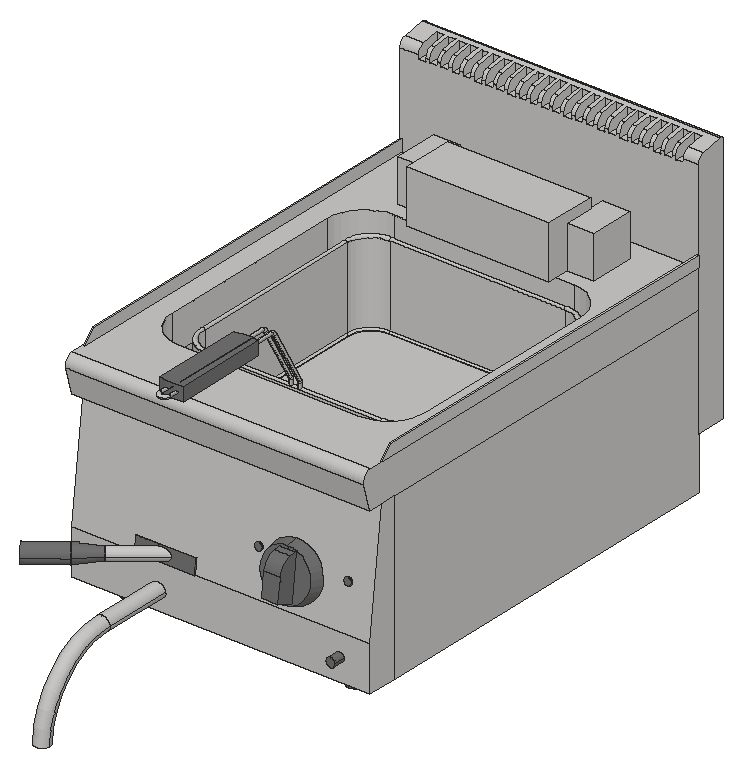
Revit family "QF_GIORIK_LFE4910", category Specialty Equipment, Revit 2014
Parameters (values of type "LFE4910")
  Weight in Pounds = 48.5016
  Watts = 10000 W
  Volts = 400 V
  URL Cutsheet = "www.giorik.com"
  URL = "www.giorik.com"
  Status [instance] = ""
  Specification by User [instance] = ""
  Specification by Manufacturer = ""
  Show Logo [instance] = yes
  Show Clearance [instance] = yes
  Serial Number = ""
  Seismic Rating = ""
  SMACNA No = ""
  Revision Code [instance] = ""
  Phase = 3
  Number of Poles [instance] = 3
  NAFEM Spec ID Number = ""
  Model = "LFE4910"
  Min Ckt Ampacity = 0 A
  Max Overcurrent Protection = 0 A
  Masterspec = ""
  Manufacturer = "GIORIK"
  Item Number [instance] = ""
  Installed By [instance] = ""
  Identify Quantity as Lot [instance] = no
  HP = "13.410200000000"
  Furnished By [instance] = ""
  Foodservice Equipment Identifier [instance] = yes
  FL Amps = 0 A
  Electrical Remarks [instance] = ""
  Electric Connection Type [instance] = ""
  Elec Conn RI Height [instance] = 0 mm
  Elec Conn Connection Height [instance] = 45 mm
  Description = "FRYER WITH LIFTABLE HEATING ELEMENTS ELECTRIC 10 LT"
  Cycle = 50 Hz
  Conn Plug = ""
  CSI MasterFormat = ""
  Assembly Code = "E1090320"
  Apparent Power = 10000 VA
Reference planes
  plane 1 "Back": y = 0
  plane 2: z = 0
  plane 3 "Left": x = 0
  plane 4 "Right": x = 400
  plane 5 "Front": y = -600
  plane 6 "Top": z = 430
Forms (mm)
  Extrusion 1, solid
    sketch origin (0, 1000, -578.42) x (0, 1, 0) y (0, 0, 1)
      loop
        line (-1040.007, 869.975) -> (-1589.445, 869.975)
        arc (-1589.445, 869.975) -> (-1598.171, 865.672) -> (-1600.069, 856.13) r 10.999
        line (-1600.069, 856.13) -> (-1590.388, 820) -> (-1040.007, 820) -> (-1040.007, 869.975)
    from 0 to 400
  Extrusion 2, solid
    sketch origin (0, 0, -558.42) x (0, 1, 0) y (0, 0, 1)
      loop
        line (-570.06, 849.975) -> (-40.007, 849.975) -> (-40.007, 864.975) -> (-555.06, 864.975) -> (-570.06, 849.975)
    from 0 to 1.85
  Extrusion 3, solid
    sketch origin (0, 0, -558.42) x (0, 1, 0) y (0, 0, 1)
      loop
        line (-40.007, 800) -> (-550, 800) -> (-550, 580) -> (-40.007, 580) -> (-40.007, 800)
    from 0 to 400
  Extrusion 4, solid
    sketch origin (0, 0, -558.42) x (0, 1, 0) y (0, 0, 1)
      loop
        line (-550, 800) -> (-570.5, 800) -> (-590, 640) -> (-590, 580) -> (-550, 580) -> (-550, 800)
    from 0 to 400
  Extrusion 5, solid
    sketch origin (398.094, 0, -558.42) x (0, 1, 0) y (0, 0, 1)
      loop
        line (-570.06, 849.975) -> (-40.007, 849.975) -> (-40.007, 864.975) -> (-555.06, 864.975) -> (-570.06, 849.975)
    from -0.15 to 1.906
  Extrusion 6, solid
    sketch origin (0, 0, -558.42) x (0, 1, 0) y (0, 0, 1)
      loop
        line (-40.007, 974.217) -> (-40.007, 650.827) -> (0, 650.827) -> (0, 988.42)
        arc (0, 988.42) -> (-0.57, 989.648) -> (-1.878, 990) r 1.6
        line (-1.878, 990) -> (-31.072, 984.852)
        arc (-31.072, 984.852) -> (-37.477, 981.162) -> (-40.007, 974.217) r 10.797
    from 0 to 400
  Extrusion 7, solid
    sketch origin (368.319, 0, -558.42) x (1, 0, 0) y (0, 0, 1)
      loop
        circle (-38.319, 606) r 5
    from 20.007 to 40.007
  Extrusion 8, void
    sketch origin (10, 0, 431.58) x (0, 1, 0) y (-1, 0, 0)
      loop
        line (-40.007, -25) -> (-9.931, -25) -> (-9.931, -15) -> (-40.007, -15) -> (-40.007, -25)
      loop
        line (-40.007, -40) -> (-9.931, -40) -> (-9.931, -30) -> (-40.007, -30) -> (-40.007, -40)
      loop
        line (-40.007, -55) -> (-9.931, -55) -> (-9.931, -45) -> (-40.007, -45) -> (-40.007, -55)
      loop
        line (-40.007, -70) -> (-9.931, -70) -> (-9.931, -60) -> (-40.007, -60) -> (-40.007, -70)
      loop
        line (-40.007, -85) -> (-9.931, -85) -> (-9.931, -75) -> (-40.007, -75) -> (-40.007, -85)
      loop
        line (-40.007, -100) -> (-9.931, -100) -> (-9.931, -90) -> (-40.007, -90) -> (-40.007, -100)
      loop
        line (-40.007, -115) -> (-9.931, -115) -> (-9.931, -105) -> (-40.007, -105) -> (-40.007, -115)
      loop
        line (-40.007, -130) -> (-9.931, -130) -> (-9.931, -120) -> (-40.007, -120) -> (-40.007, -130)
      loop
        line (-40.007, -145) -> (-9.931, -145) -> (-9.931, -135) -> (-40.007, -135) -> (-40.007, -145)
      loop
        line (-40.007, -160) -> (-9.931, -160) -> (-9.931, -150) -> (-40.007, -150) -> (-40.007, -160)
      loop
        line (-40.007, -175) -> (-9.931, -175) -> (-9.931, -165) -> (-40.007, -165) -> (-40.007, -175)
      loop
        line (-40.007, -190) -> (-9.931, -190) -> (-9.931, -180) -> (-40.007, -180) -> (-40.007, -190)
      loop
        line (-40.007, -205) -> (-9.931, -205) -> (-9.931, -195) -> (-40.007, -195) -> (-40.007, -205)
      loop
        line (-40.007, -220) -> (-9.931, -220) -> (-9.931, -210) -> (-40.007, -210) -> (-40.007, -220)
      loop
        line (-40.007, -235) -> (-9.931, -235) -> (-9.931, -225) -> (-40.007, -225) -> (-40.007, -235)
      loop
        line (-40.007, -250) -> (-9.931, -250) -> (-9.931, -240) -> (-40.007, -240) -> (-40.007, -250)
      loop
        line (-40.007, -265) -> (-9.931, -265) -> (-9.931, -255) -> (-40.007, -255) -> (-40.007, -265)
      loop
        line (-40.007, -280) -> (-9.931, -280) -> (-9.931, -270) -> (-40.007, -270) -> (-40.007, -280)
      loop
        line (-40.007, -295) -> (-9.931, -295) -> (-9.931, -285) -> (-40.007, -285) -> (-40.007, -295)
      loop
        line (-40.007, -310) -> (-9.931, -310) -> (-9.931, -300) -> (-40.007, -300) -> (-40.007, -310)
      loop
        line (-40.007, -325) -> (-9.931, -325) -> (-9.931, -315) -> (-40.007, -315) -> (-40.007, -325)
      loop
        line (-40.007, -340) -> (-9.931, -340) -> (-9.931, -330) -> (-40.007, -330) -> (-40.007, -340)
      loop
        line (-40.007, -355) -> (-9.931, -355) -> (-9.931, -345) -> (-40.007, -345) -> (-40.007, -355)
      loop
        line (-40.007, -370) -> (-9.931, -370) -> (-9.931, -360) -> (-40.007, -360) -> (-40.007, -370)
    from 0 to -20
  Extrusion 9, solid
    sketch origin (566.603, 14.286, -28.42) x (0, 1, 0) y (-1, 0, 0)
      loop
        circle (-79.293, 516.603) r 5
    from 40.385 to 50
  Revolve 10, solid
    sketch origin (50, 18.936, -600) x (0, 1, 0) y (0, 0, 1)
      loop
        line (-83.943, 611.965) -> (-94.752, 611.965) -> (-97.943, 600) -> (-83.943, 600) -> (-83.943, 611.965)
      axis (-83.943, 611.965) -> (-83.943, 600)
    angle from 0 to 360
  Extrusion 11, solid
    sketch origin (-166.603, 14.286, -28.42) x (0, 1, 0) y (-1, 0, 0)
      loop
        circle (-79.293, -516.603) r 5
    from 40.385 to 50
  Revolve 12, solid
    sketch origin (350, 18.936, -600) x (0, 1, 0) y (0, 0, -1)
      loop
        line (-83.943, -611.965) -> (-83.943, -600) -> (-97.943, -600) -> (-94.752, -611.965) -> (-83.943, -611.965)
      axis (-83.943, -611.965) -> (-83.943, -600)
    angle from 0 to 360
  Extrusion 13, solid
    sketch origin (566.603, -469.707, -30) x (0, 1, 0) y (-1, 0, 0)
      loop
        circle (-79.293, 516.603) r 5
    from 41.965 to 51.58
  Revolve 14, solid
    sketch origin (50, -465.057, -600) x (0, 1, 0) y (0, 0, 1)
      loop
        line (-83.943, 611.965) -> (-94.752, 611.965) -> (-97.943, 600) -> (-83.943, 600) -> (-83.943, 611.965)
      axis (-83.943, 611.965) -> (-83.943, 600)
    angle from 0 to 360
  Extrusion 15, solid
    sketch origin (-166.603, -469.707, -30) x (0, 1, 0) y (-1, 0, 0)
      loop
        circle (-79.293, -516.603) r 5
    from 41.965 to 51.58
  Revolve 16, solid
    sketch origin (350, -465.057, -600) x (0, 1, 0) y (0, 0, -1)
      loop
        line (-83.943, -611.965) -> (-83.943, -600) -> (-97.943, -600) -> (-94.752, -611.965) -> (-83.943, -611.965)
      axis (-83.943, -611.965) -> (-83.943, -600)
    angle from 0 to 360
  Extrusion 17, void
    sketch origin (0, -79.931, 430) x (0, 1, 0) y (-1, 0, 0)
      loop
        arc (-70.076, -80) -> (-84.721, -44.645) -> (-120.076, -30) r 50
        line (-120.076, -30) -> (-379.99, -30)
        arc (-379.99, -30) -> (-415.345, -44.645) -> (-429.99, -80) r 50
        line (-429.99, -80) -> (-429.99, -320.349)
        arc (-429.99, -320.349) -> (-415.345, -355.704) -> (-379.99, -370.349) r 50
        line (-379.99, -370.349) -> (-120.076, -370.349)
        arc (-120.076, -370.349) -> (-84.721, -355.704) -> (-70.076, -320.349) r 50
        line (-70.076, -320.349) -> (-70.076, -80)
    from -97.843 to -337.592
  Sweep 18, solid
    path origin (115, 226.022, -176.065) x (0, 1, 0) y (0, 0, 1)
      loop
        line (-814.022, 222.645) -> (-909.022, 222.645)
        arc (-909.022, 222.645) -> (-979.733, 193.356) -> (-1009.022, 122.645) r 100
    profile origin (115, -635.5, 46.58) x (0, 0, -1) y (1, 0, 0)
      loop
        circle (0, 0) r 10
  Extrusion 19, solid
    sketch origin (-405.91, -590.797, -666.508) x (1, 0, 0) y (0, 0.001091, 0.999999)
      loop
        circle (764.91, 718.089) r 6
    from 0 to 15
  Blend 20, solid
    base sketch origin (616.882, -104.536, -902.739) x (0.615661, -0.788011, 0) y (0, 0, 1)
      loop
        circle (76.097, 994.319) r 8
    top sketch origin (616.882, -104.536, -902.739) x (0.615661, -0.788011, 0) y (0, 0, 1)
      loop
        circle (76.097, 994.319) r 12
    from 750.092 to 785.1
  Extrusion 21, solid
    sketch origin (608.056, -96.203, -914.17) x (0.615661, -0.788011, 0) y (0, 0, 1)
      loop
        circle (88.097, 1005.786) r 12
    from 783.275 to 836.3
  Extrusion 22, solid
    sketch origin (-402.728, -17.847, -369.564) x (-0.615661, 0.788011, 0) y (0, 0, 1)
      loop
        circle (-772.143, 461.145) r 8
    from 0 to 79.992
  Extrusion 23, solid
    sketch origin (0, -17.89, -65.171) x (1, 0, 0) y (0, 0.12098, 0.992655)
      loop
        line (84.851, 96.58) -> (84.851, 76.58) -> (164.851, 76.58) -> (164.851, 96.58) -> (84.851, 96.58)
    from 584.669 to 586.623
  Revolve 24, solid
    sketch origin (305.155, 0.456, -559.728) x (0, 1, 0) y (0, 0, 1)
      loop
        line (-598.03, 706.389) -> (-594.27, 737.013) -> (-609.648, 734.852) -> (-613.772, 701.269) -> (-581.482, 697.305) -> (-580.629, 704.252) -> (-598.03, 706.389)
      axis (-581.482, 697.305) -> (-613.772, 701.269)
    angle from 0 to 360
  Extrusion 25, solid
    sketch origin (142.169, 0.456, -559.728) x (0, 1, 0) y (0, 0, 1)
      loop
        line (-635.843, 711.553) -> (-639.647, 680.575) -> (-617.415, 671.593) -> (-610.135, 730.882) -> (-617.934, 729.786)
        arc (-617.934, 729.786) -> (-629.982, 723.708) -> (-635.843, 711.553) r 20.998
    from 151.831 to 173.831
  Extrusion 26, solid
    sketch origin (254, -596.729, 1.24) x (1, 0, 0) y (0, 0.099832, 0.995004)
      loop
        circle (111, 140.949) r 5
    from 0 to 0.966
  Extrusion 27, solid
    sketch origin (156.155, -596.729, 1.24) x (1, 0, 0) y (0, 0.099832, 0.995004)
      loop
        circle (89, 140.949) r 5
    from 0 to 0.966
  Extrusion 28, solid
    sketch origin (33.44, -27.512, 291.556) x (0, 1, 0) y (-1, 0, 0)
      loop
        line (-62.495, -71.06) -> (-132.495, -71.06) -> (-132.495, -262.06) -> (-62.495, -262.06) -> (-62.495, -71.06)
    from 0 to 70
  Extrusion 29, solid
    sketch origin (0, 0, 291.556) x (0, 1, 0) y (-1, 0, 0)
      loop
        line (-70.007, -68.5) -> (-130.007, -68.5) -> (-130.007, -104.5) -> (-70.007, -104.5) -> (-70.007, -68.5)
    from 0 to 57
  Extrusion 30, solid
    sketch origin (227, 0, 291.556) x (0, 1, 0) y (-1, 0, 0)
      loop
        line (-70.007, -68.5) -> (-130.007, -68.5) -> (-130.007, -104.5) -> (-70.007, -104.5) -> (-70.007, -68.5)
    from 0 to 57
  Sweep 31, solid
    path origin (24.51, -1562.593, 264.972) x (0, 1, 0) y (-1, 0, 0)
      loop
        arc (1405.5, -57.49) -> (1395.366, -33.124) -> (1371, -22.99) r 34.6
        line (1371, -22.99) -> (1132.51, -22.99)
        arc (1132.51, -22.99) -> (1107.632, -33.121) -> (1097.5, -58) r 34.6
        line (1097.5, -58) -> (1097.5, -292)
        arc (1097.5, -292) -> (1107.634, -316.366) -> (1132, -326.5) r 34.6
        line (1132, -326.5) -> (1371, -326.5)
        arc (1371, -326.5) -> (1395.366, -316.366) -> (1405.5, -292) r 34.6
        line (1405.5, -292) -> (1405.5, -57.49)
    profile origin (199.255, -157.093, 264.972) x (0, 1, 0) y (0, 0, 1)
      loop
        line (-2.5, 0) -> (-2.5, -107.472)
        arc (-2.5, -107.472) -> (-3.232, -109.24) -> (-5, -109.972) r 2.5
        line (-5, -109.972) -> (-5, -114.972) -> (0, -114.972)
        arc (0, -114.972) -> (1.768, -114.24) -> (2.5, -112.472) r 2.5
        line (2.5, -112.472) -> (2.5, 0)
        arc (2.5, 0) -> (0, 2.5) -> (-2.5, 0) r 2.5
  Extrusion 32, solid
    sketch origin (14.51, -1562.593, 343.972) x (0, 1, 0) y (-1, 0, 0)
      loop
        line (1014.866, -169) -> (890.852, -169)
        arc (890.852, -169) -> (888.33, -185) -> (890.852, -201) r 52
        line (890.852, -201) -> (1014.866, -201)
        arc (1014.866, -201) -> (1017.389, -185) -> (1014.866, -169) r 52
    from 0 to 18
  Extrusion 33, solid
    sketch origin (1002.01, -65.507, 150) x (0, 1, 0) y (-1, 0, 0)
      loop
        arc (-94.5, 922.51) -> (-103.14, 943.37) -> (-124, 952.01) r 29.5
        line (-124, 952.01) -> (-367.076, 952.01)
        arc (-367.076, 952.01) -> (-388.296, 943.22) -> (-397.086, 922) r 30.01
        line (-397.086, 922) -> (-397.086, 683)
        arc (-397.086, 683) -> (-388.446, 662.14) -> (-367.586, 653.5) r 29.5
        line (-367.586, 653.5) -> (-124, 653.5)
        arc (-124, 653.5) -> (-103.14, 662.14) -> (-94.5, 683) r 29.5
        line (-94.5, 683) -> (-94.5, 922.51)
    from 0 to 5
  Sweep 34, solid
    path origin (193.51, -1562.593, -556.028) x (0, 1, 0) y (0, 0, 1)
      loop
        line (1097.5, 818.028) -> (1097.5, 829.689)
        arc (1097.5, 829.689) -> (1097.33, 830.983) -> (1096.831, 832.188) r 5
        line (1096.831, 832.188) -> (1054.233, 906.027)
        arc (1054.233, 906.027) -> (1052.403, 907.858) -> (1049.902, 908.528) r 5
        line (1049.902, 908.528) -> (878.021, 908.528)
    profile origin (193.51, -465.093, 267.831) x (0, -1, 0) y (1, 0, 0)
      loop
        circle (0, 0) r 2
  Sweep 35, solid
    path origin (205.51, -1562.593, -566.028) x (0, 1, 0) y (0, 0, -1)
      loop
        line (1097.5, -828.028) -> (1097.5, -839.689)
        arc (1097.5, -839.689) -> (1097.33, -840.983) -> (1096.831, -842.188) r 5
        line (1096.831, -842.188) -> (1054.233, -916.027)
        arc (1054.233, -916.027) -> (1052.403, -917.858) -> (1049.902, -918.528) r 5
        line (1049.902, -918.528) -> (878.021, -918.528)
    profile origin (205.51, -465.093, 267.831) x (0, 1, 0) y (-1, 0, 0)
      loop
        circle (0, 0) r 2
  Sweep 36, solid
    path origin (14.51, -62.593, 352.5) x (0, 1, 0) y (-1, 0, 0)
      loop
        arc (-621.979, -179) -> (-627.979, -185) -> (-621.979, -191) r 6
    profile origin (199.51, -690.572, 352.5) x (0, 1, 0) y (0, 0, 1)
      loop
        circle (0, 0) r 2
Cuts and joins
  Extrusion 8 cuts Extrusion 6
  Extrusion 17 cuts Extrusion 1
  Extrusion 17 cuts Extrusion 3
Lines and regions (mm)
  symbolic lines, style "200-EquipInternal-2D"
    curve 1: line (25, -9.931, 290) -> (25, -40.007, 290)
    curve 2: line (35, -40.007, 290) -> (35, -9.931, 290)
    curve 3: line (40, -9.931, 290) -> (40, -40.007, 290)
    curve 4: line (50, -40.007, 290) -> (50, -9.931, 290)
    curve 5: line (55, -9.931, 290) -> (55, -40.007, 290)
    curve 6: line (65, -40.007, 290) -> (65, -9.931, 290)
    curve 7: line (85, -9.931, 290) -> (85, -40.007, 290)
    curve 8: line (95, -40.007, 290) -> (95, -9.931, 290)
    curve 9: line (100, -9.931, 290) -> (100, -40.007, 290)
    curve 10: line (110, -40.007, 290) -> (110, -9.931, 290)
    curve 11: line (140, -40.007, 290) -> (140, -9.931, 290)
    curve 12: line (130, -9.931, 290) -> (130, -40.007, 290)
    curve 13: line (155, -40.007, 290) -> (155, -9.931, 290)
    curve 14: line (160, -9.931, 290) -> (160, -40.007, 290)
    curve 15: line (170, -40.007, 290) -> (170, -9.931, 290)
    curve 16: line (145, -9.931, 290) -> (145, -40.007, 290)
    curve 17: line (200, -40.007, 290) -> (200, -9.931, 290)
    curve 18: line (190, -9.931, 290) -> (190, -40.007, 290)
    curve 19: line (205, -9.931, 290) -> (205, -40.007, 290)
    curve 20: line (215, -40.007, 290) -> (215, -9.931, 290)
    curve 21: line (220, -9.931, 290) -> (220, -40.007, 290)
    curve 22: line (230, -40.007, 290) -> (230, -9.931, 290)
    curve 23: line (250, -9.931, 290) -> (250, -40.007, 290)
    curve 24: line (260, -40.007, 290) -> (260, -9.931, 290)
    curve 25: line (265, -9.931, 290) -> (265, -40.007, 290)
    curve 26: line (275, -40.007, 290) -> (275, -9.931, 290)
    curve 27: line (280, -9.931, 290) -> (280, -40.007, 290)
    curve 28: line (290, -40.007, 290) -> (290, -9.931, 290)
    curve 29: line (320, -40.007, 290) -> (320, -9.931, 290)
    curve 30: line (310, -9.931, 290) -> (310, -40.007, 290)
    curve 31: line (335, -40.007, 290) -> (335, -9.931, 290)
    curve 32: line (325, -9.931, 290) -> (325, -40.007, 290)
    curve 33: line (340, -9.931, 290) -> (340, -40.007, 290)
    curve 34: line (350, -40.007, 290) -> (350, -9.931, 290)
    curve 35: line (370, -9.931, 290) -> (370, -40.007, 290)
    curve 36: line (380, -40.007, 290) -> (380, -9.931, 290)
    curve 37: line (380, -9.931, 290) -> (370, -9.931, 290)
    curve 38: line (350, -9.931, 290) -> (340, -9.931, 290)
    curve 39: line (335, -9.931, 290) -> (325, -9.931, 290)
    curve 40: line (320, -9.931, 290) -> (310, -9.931, 290)
    curve 41: line (275, -9.931, 290) -> (265, -9.931, 290)
    curve 42: line (110, -9.931, 290) -> (100, -9.931, 290)
    curve 43: line (95, -9.931, 290) -> (85, -9.931, 290)
    curve 44: line (65, -9.931, 290) -> (55, -9.931, 290)
    curve 45: line (35, -9.931, 290) -> (25, -9.931, 290)
    curve 46: line (140, -9.931, 290) -> (130, -9.931, 290)
    curve 47: line (155, -9.931, 290) -> (145, -9.931, 290)
    curve 48: line (170, -9.931, 290) -> (160, -9.931, 290)
    curve 49: line (200, -9.931, 290) -> (190, -9.931, 290)
    curve 50: line (215, -9.931, 290) -> (205, -9.931, 290)
    curve 51: line (230, -9.931, 290) -> (220, -9.931, 290)
    curve 52: line (260, -9.931, 290) -> (250, -9.931, 290)
    curve 53: line (50, -9.931, 290) -> (40, -9.931, 290)
    curve 54: line (70, -9.931, 430) -> (70, -40.007, 430)
    curve 55: line (80, -40.007, 430) -> (80, -9.931, 430)
    curve 56: line (80, -9.931, 430) -> (70, -9.931, 430)
    curve 57: line (175, -9.931, 430) -> (175, -40.007, 430)
    curve 58: line (185, -40.007, 430) -> (185, -9.931, 430)
    curve 59: line (185, -9.931, 430) -> (175, -9.931, 430)
    curve 60: line (235, -9.931, 430) -> (235, -40.007, 430)
    curve 61: line (245, -40.007, 430) -> (245, -9.931, 430)
    curve 62: line (245, -9.931, 430) -> (235, -9.931, 430)
    curve 63: line (290, -9.931, 430) -> (280, -9.931, 430)
    curve 64: line (305, -9.931, 430) -> (295, -9.931, 430)
    curve 65: line (295, -9.931, 430) -> (295, -40.007, 430)
    curve 66: line (305, -40.007, 430) -> (305, -9.931, 430)
    curve 67: line (355, -9.931, 430) -> (355, -40.007, 430)
    curve 68: line (365, -40.007, 430) -> (365, -9.931, 430)
    curve 69: line (365, -9.931, 430) -> (355, -9.931, 430)
    curve 70: line (400, -9.931, 430) -> (400, -40.007, 430)
    curve 71: line (125, -9.931, 430) -> (115, -9.931, 430)
    curve 72: line (115, -9.931, 430) -> (115, -40.007, 430)
    curve 73: line (125, -40.007, 430) -> (125, -9.931, 430)
    curve 78: line (397.944, -570.06, 430) -> (400, -570.06, 430)
    curve 79: line (397.944, -40.007, 430) -> (397.944, -570.06, 430)
    curve 80: line (370, -194.035, 430) -> (370, -460, 430)
    curve 81: line (30, -460, 430) -> (30, -200.007, 430)
    curve 82: arc (80, -510, 430) -> (44.645, -495.355, 430) -> (30, -460, 430) r 50
    curve 83: line (320, -510, 430) -> (80, -510, 430)
    curve 84: arc (370, -460, 430) -> (355.355, -495.355, 430) -> (320, -510, 430) r 50
    curve 85: line (0, -570.06, 430) -> (1.85, -570.06, 430)
    curve 86: line (1.85, -570.06, 430) -> (1.85, -40.007, 430)
    curve 87: line (1.85, -40.007, 430) -> (397.944, -40.007, 430)
    curve 101: line (104.5, -70.007, 430) -> (68.5, -70.007, 430)
    curve 102: line (295.5, -90.007, 430) -> (104.5, -90.007, 430)
    curve 103: line (68.5, -70.007, 430) -> (68.5, -130.007, 430)
    curve 104: line (68.5, -130.007, 430) -> (104.5, -130.007, 430)
    curve 105: line (104.5, -160.007, 430) -> (295.5, -160.007, 430)
    curve 106: line (331.5, -130.007, 430) -> (331.5, -70.007, 430)
    curve 107: line (331.5, -70.007, 430) -> (295.5, -70.007, 430)
    curve 108: line (295.5, -130.007, 430) -> (331.5, -130.007, 430)
    curve 109: arc (80, -150.007, 430) -> (44.645, -164.652, 430) -> (30, -200.007, 430) r 50
    curve 110: arc (370.349, -199.931, 430) -> (354.716, -163.615, 430) -> (317.594, -150.007, 430) r 50
    curve 111: line (104.5, -90.007, 430) -> (104.5, -70.007, 430)
    curve 112: line (295.5, -70.007, 430) -> (295.5, -90.007, 430)
    curve 113: line (295.5, -130.007, 430) -> (295.5, -160.007, 430)
    curve 114: line (104.5, -130.007, 430) -> (104.5, -160.007, 430)
    curve 115: line (104.5, -150.007, 430) -> (80, -150.007, 430)
    curve 116: line (295.5, -150.007, 430) -> (317.594, -150.007, 430)
    curve 126: line (104.5, -154.593, 430) -> (81.993, -154.593, 430)
    curve 127: line (45, -191.586, 430) -> (45, -430.053, 430)
    curve 128: line (82.54, -467.593, 430) -> (191.487, -467.593, 430)
    curve 129: line (191.487, -465.093, 430) -> (191.487, -545.827, 430)
    curve 130: line (183.51, -600, 430) -> (183.51, -547.727, 430)
    curve 131: line (215.51, -547.727, 430) -> (215.51, -600, 430)
    curve 132: line (207.533, -545.827, 430) -> (207.533, -465.093, 430)
    curve 133: line (316.517, -467.593, 430) -> (207.533, -467.593, 430)
    curve 134: line (353.51, -430.6, 430) -> (353.51, -191.593, 430)
    curve 135: line (316.51, -154.593, 430) -> (295.5, -154.593, 430)
    curve 136: line (316.51, -162.093, 430) -> (81.51, -162.093, 430)
    curve 137: line (52.5, -191.593, 430) -> (52.5, -430.112, 430)
    curve 138: line (82.51, -460.093, 430) -> (317.51, -460.093, 430)
    curve 139: line (346.01, -430.593, 430) -> (346.01, -191.593, 430)
    curve 140: arc (316.51, -162.093, 430) -> (337.341, -170.763, 430) -> (346.01, -191.593, 430) r 29.6
    curve 141: arc (52.5, -191.593, 430) -> (61.175, -170.758, 430) -> (82.014, -162.093, 430) r 29.6
    curve 142: arc (82.51, -460.093, 430) -> (61.177, -451.436, 430) -> (52.5, -430.112, 430) r 29.6
    curve 143: arc (346.01, -430.593, 430) -> (337.336, -451.429, 430) -> (316.496, -460.093, 430) r 29.6
    curve 144: arc (45, -430.053, 430) -> (55.995, -456.598, 430) -> (82.54, -467.593, 430) r 37.54
    curve 145: arc (316.517, -467.593, 430) -> (342.675, -456.758, 430) -> (353.51, -430.6, 430) r 36.993
    curve 146: arc (316.51, -154.593, 430) -> (342.673, -165.43, 430) -> (353.51, -191.593, 430) r 37
    curve 147: arc (81.993, -154.593, 430) -> (55.835, -165.428, 430) -> (45, -191.586, 430) r 36.993
    curve 148: line (195.483, -545.36, 430) -> (195.483, -465.093, 430)
    curve 149: line (203.537, -545.36, 430) -> (203.537, -465.093, 430)
    curve 150: arc (183.51, -547.727, 430) -> (199.51, -545.204, 430) -> (215.51, -547.727, 430) r 52
    curve 161: arc (191.487, -465.093, 430) -> (193.485, -463.095, 430) -> (195.483, -465.093, 430) r 1.998
    curve 162: arc (207.533, -465.093, 430) -> (205.535, -463.095, 430) -> (203.537, -465.093, 430) r 1.998
    curve 163: line (195.483, -467.593, 430) -> (203.537, -467.593, 430)
  symbolic lines, style "200-EquipBorder-2D"
    curve 74: line (400, 0, 430) -> (0, 0, 430)
    curve 75: line (400, -600, 430) -> (400, 0, 430)
    curve 76: line (0, 0, 430) -> (0, -600, 430)
    curve 77: line (0, -600, 430) -> (183.51, -600, 430)
    curve 88: line (105, -611.182, 430) -> (105, -783, 430)
    curve 89: line (125, -783, 430) -> (125, -600, 430)
    curve 90: arc (105, -783, 430) -> (115, -793, 430) -> (125, -783, 430) r 10
    curve 91: line (77.576, -632.608, 430) -> (105, -611.182, 430)
    curve 92: line (67.725, -620, 430) -> (93.324, -600, 430)
    curve 93: line (52.373, -657.375, 430) -> (10.668, -689.958, 430)
    curve 94: line (10.668, -689.958, 430) -> (-4.108, -671.046, 430)
    curve 95: line (-4.108, -671.046, 430) -> (37.676, -638.401, 430)
    curve 96: line (37.676, -638.401, 430) -> (67.725, -620, 430)
    curve 97: line (77.576, -632.608, 430) -> (52.373, -657.375, 430)
    curve 98: line (353.033, -605.014, 430) -> (353.033, -600, 430)
    curve 99: line (353.033, -605.014, 430) -> (365.011, -605.014, 430)
    curve 100: line (365.011, -605.014, 430) -> (365.011, -600, 430)
    curve 117: spline (294, -617.202, 990) -> (290.789, -617.041, 990) -> (287.73, -616.841, 990) -> (284.856, -616.604, 990) -> (282.196, -616.332, 990) -> (279.779, -616.028, 990) -> (277.63, -615.696, 990) -> (275.772, -615.338, 990) -> (274.225, -614.96, 990) -> (273.004, -614.563, 990) -> (272.122, -614.154, 990) -> (271.59, -613.736, 990) -> (271.412, -613.313, 990)
    curve 118: spline (339.073, -613.408, 990) -> (338.819, -613.826, 990) -> (338.218, -614.239, 990) -> (337.275, -614.643, 990) -> (336.001, -615.033, 990) -> (334.408, -615.405, 990) -> (332.513, -615.755, 990) -> (330.336, -616.08, 990) -> (327.898, -616.376, 990) -> (325.227, -616.641, 990) -> (322.348, -616.871, 990) -> (319.293, -617.065, 990) -> (316.091, -617.219, 990)
    curve 119: line (271.412, -613.313, 990) -> (267.735, -600, 990)
    curve 120: line (339.073, -613.408, 990) -> (342.578, -600, 990)
    curve 121: line (294, -639.19, 430) -> (294, -609.679, 430)
    curve 122: line (294, -639.19, 430) -> (316, -639.19, 430)
    curve 123: line (316, -639.19, 430) -> (316, -609.679, 430)
    curve 124: spline (271.412, -613.313, 430) -> (272.564, -612.264, 430) -> (275.941, -611.286, 430) -> (281.314, -610.446, 430) -> (288.316, -609.802, 430) -> (296.47, -609.396, 430) -> (305.22, -609.258, 430) -> (313.97, -609.396, 430) -> (322.124, -609.802, 430) -> (329.126, -610.446, 430) -> (334.499, -611.286, 430) -> (337.877, -612.264, 430) -> (339.029, -613.313, 430)
    curve 125: line (294, -609.679, 430) -> (316, -609.679, 430)
    curve 151: arc (183.51, -671.741, 430) -> (199.51, -674.263, 430) -> (215.51, -671.741, 430) r 52
    curve 152: line (183.51, -671.741, 430) -> (183.51, -600, 430)
    curve 153: line (215.51, -671.741, 430) -> (215.51, -600, 430)
    curve 154: line (400, -600, 430) -> (215.51, -600, 430)
    curve 155: line (191.51, -684.572, 430) -> (191.51, -673.644, 430)
    curve 156: line (195.51, -684.572, 430) -> (195.51, -674.109, 430)
    curve 157: line (207.51, -684.572, 430) -> (207.51, -673.644, 430)
    curve 158: line (203.51, -684.572, 430) -> (203.51, -674.109, 430)
    curve 159: arc (195.51, -684.572, 430) -> (199.51, -688.572, 430) -> (203.51, -684.572, 430) r 4
    curve 160: arc (207.51, -684.572, 430) -> (199.51, -692.572, 430) -> (191.51, -684.572, 430) r 8
Dimensions and locks
  plane 3 "Left" to plane 4 "Right" = 400 mm
  plane 5 "Front" to plane 1 "Back" = 600 mm
  plane 4 "Right" to plane 3 "Left" = 400 mm
  plane 1 "Back" to plane 5 "Front" = 600 mm
  plane 6 "Top" to level = 430 mm  (x2)
  aligned and locked: level to plane 2
Connectors
  electrical at (330, -20.007, 47.58), driven by "Apparent Power", driven by "Volts", driven by "Number of Poles"
    settings: on Extrusion 7, index 1, voltage 400 V, apparent load 0 VA, apparent load phase1 10000 VA, apparent load phase2 0 VA, apparent load phase3 0 VA, power factor 1, load classification "Other", number of poles 3, system type 31, power factor state 1, is connector primary yes, connector utility no, sub classification motor no, connector description "Electrical connection"
